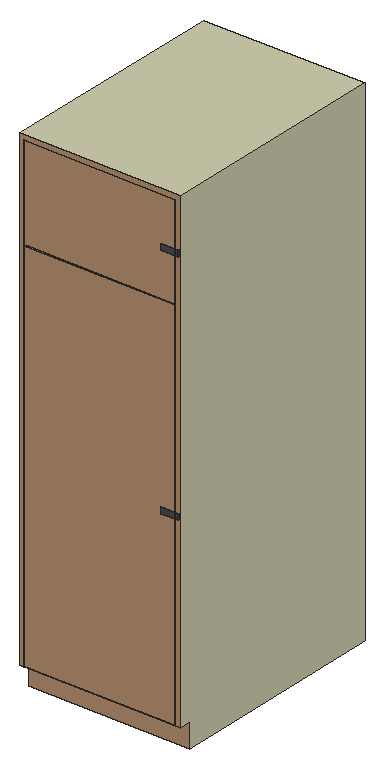
Revit family "Cabinet_Wenger_UltraStor_45", category Furniture, Revit 2015
Parameters (values of type "UltraStor Cabinet #45 - Comp Wood Doors")
  URL = "https://www.wengercorp.com/"
  Type Comments = ""
  Specification = "http://www.arcat.com/sdspecs/htm04/12_35_83wen.htm"
  Shelf Thickness = 0' - 1 1/8"
  Sales Information = "https://www.wengercorp.com/contact-us.php"
  Revision = "R1_2018-04"
  Rear Panel Thickness = 0' - 0 3/4"
  Product Data = "http://www.arcat.com/arcatcos/cos36/arc36487.html"
  Manufacturer Website = "https://www.wengercorp.com/"
  Manufacturer Phone - Toll Free = "800-4WENGER"
  Manufacturer Phone = "(507) 455-4100"
  Manufacturer Fax = "(507) 455-4258"
  Manufacturer Address = "555 Park Dr., Owatonna, MN 55060"
  Keynote = "12 35 83"
  HasDoors = yes
  Green Building-LEED = "http://www.arcat.com/green/clients/leed_data_36487.html"
  Drawn By = "Sumex Design, Inc. / Robert S. Weygant, CSI, CDT, SCIP"
  Door Width = (Cabinet Width - 0' 2 1/4") / 2  # 1' - 0 5/8"
  Door Style = Door_FullHt : Solid Door
  Door Material [instance] = Wenger Cherry (Use Cherry Edge Band Only)
  Door Height = (Cabinet Height - 0' 4 3/4") / 5  # 1' - 4.175"
  Toe Kick Material [instance] = Wenger Cherry (Use Cherry Edge Band Only)
  RH End Panel [instance] = no
  Model = "#45"
  Manufacturer = "Wenger Corporation"
  LH End Panel [instance] = no
  End Panel Material [instance] = Wenger Cherry (Use Cherry Edge Band Only)
  Edge Banding Material [instance] = Wenger Cherry (Use Cherry Edge Band Only)
  Cost = 0
  Copyright = "© 2018 Arcat Inc."
  Construction Details = "http://www.arcat.com/details/wengerco/wengerco.html?coid=36487"
  Body Material [instance] = Wenger - Oyster
  Description = "Wenger UltraStor Cabinet #45 - Comp Wood Doors"
  Cabinet Width = 2' - 3 1/2"
  Cabinet Height = 7' - 1 5/8"
  Installed Depth = 3' - 3 1/2"
  Cabinet Panel Thickness = 0' - 0 3/4"
  Assembly Code = "E2010200"
Types (14): name | Rear Panel Thickness | HasDoors | Door Width | Door Style | Door Material | Model | Description | Cabinet Width | Installed Depth
  Acoustic Cabinet #45 - No Doors | 0' - 3 1/4" | no | 1' - 0 5/8" | Door_FullHt : Solid Door | none | "#45A" | "Wenger Acoustic Cabinet #45 - No Doors" | 2' - 3 1/2" | 3' - 6"
  Narrow Acoustic Cabinet #45 - No Doors | 0' - 3 1/4" | no | 0' - 9 5/8" | Door_FullHt : Solid Door | none | "#45NA" | "Wenger Narrow Acoustic Cabinet #45 - No Doors" | 1' - 9 1/2" | 3' - 6"
  Narrow Acoustic Cabinet #45 - Comp Waterfall Grille Doors | 0' - 3 1/4" | yes | 0' - 9 5/8" | Door_FullHt : Waterfall | Painted Black | "#45NA" | "Wenger Narrow Acoustic Cabinet #45 - Comp Waterfall Grille Doors" | 1' - 9 1/2" | 3' - 6"
  Acoustic Cabinet #45 - Comp Grille Doors | 0' - 3 1/4" | yes | 1' - 0 5/8" | Door_FullHt : Bars | Painted Black | "#45A" | "Wenger Acoustic Cabinet #45 - Comp Grille Doors" | 2' - 3 1/2" | 3' - 6"
  Acoustic Cabinet #45 - Comp Waterfall Grille Doors | 0' - 3 1/4" | yes | 1' - 0 5/8" | Door_FullHt : Waterfall | Painted Black | "#45A" | "Wenger Acoustic Cabinet #45 - Comp Waterfall Grille Doors" | 2' - 3 1/2" | 3' - 6"
  Narrow Acoustic Cabinet #45 - Comp Grille Doors | 0' - 3 1/4" | yes | 0' - 9 5/8" | Door_FullHt : Bars | Painted Black | "#45NA" | "Wenger Narrow Acoustic Cabinet #45 - Comp Grille Doors" | 1' - 9 1/2" | 3' - 6"
  Narrow UltraStor Cabinet #45 - Comp Grille Doors | 0' - 0 3/4" | yes | 0' - 9 5/8" | Door_FullHt : Bars | Painted Black | "#45N" | "Wenger Narrow Cabinet #45 - Comp Grille Doors" | 1' - 9 1/2" | 3' - 3 1/2"
  UltraStor Cabinet #45 - Comp Waterfall Grille Doors | 0' - 0 3/4" | yes | 1' - 0 5/8" | Door_FullHt : Waterfall | Painted Black | "#45" | "Wenger UltraStor Cabinet #45 - Comp Waterfall Grille Doors" | 2' - 3 1/2" | 3' - 3 1/2"
  UltraStor Cabinet #45 - Comp Grille Doors | 0' - 0 3/4" | yes | 1' - 0 5/8" | Door_FullHt : Bars | Painted Black | "#45" | "Wenger UltraStor Cabinet #45 - Comp Grille Doors" | 2' - 3 1/2" | 3' - 3 1/2"
  UltraStor Cabinet #45 - No Doors | 0' - 0 3/4" | no | 1' - 0 5/8" | Door_FullHt : Solid Door | none | "#45" | "Wenger UltraStor Cabinet #45 - No Doors" | 2' - 3 1/2" | 3' - 3 1/2"
  Narrow UltraStor Cabinet #45 - Comp Wood Doors | 0' - 0 3/4" | yes | 0' - 9 5/8" | Door_FullHt : Solid Door | Wenger Cherry (Use Cherry Edge Band Only) | "#45N" | "Wenger Narrow Cabinet #45 - Comp Wood Doors" | 1' - 9 1/2" | 3' - 3 1/2"
  Narrow UltraStor Cabinet #45 - Comp Waterfall Grille Doors | 0' - 0 3/4" | yes | 0' - 9 5/8" | Door_FullHt : Waterfall | Painted Black | "#45N" | "Wenger Narrow Cabinet #45 - Comp Waterfall Grille Doors" | 1' - 9 1/2" | 3' - 3 1/2"
  Narrow UltraStor Cabinet #45 - No Doors | 0' - 0 3/4" | no | 0' - 9 5/8" | Door_FullHt : Solid Door | none | "#45N" | "Wenger Narrow Cabinet #45 - No Doors" | 1' - 9 1/2" | 3' - 3 1/2"
  UltraStor Cabinet #45 - Comp Wood Doors | 0' - 0 3/4" | yes | 1' - 0 5/8" | Door_FullHt : Solid Door | Wenger Cherry (Use Cherry Edge Band Only) | "#45" | "Wenger UltraStor Cabinet #45 - Comp Wood Doors" | 2' - 3 1/2" | 3' - 3 1/2"
Reference planes (in)
  plane 1 "Front": y = 0
  plane 2: z = 0
  plane 3 "Left": x = 0
  plane 4 "Right": x = 27.5
  plane 5 "Back": y = 39.5
  plane 6 "Top": z = 85.625
  plane 7: z = 4
  plane 8: z = 68.7
  plane 9: x = 0.75
  plane 10: x = 26.75
  plane 11: z = 84.875
  plane 12: x = 13.75
  plane 13: y = 38.75
  plane 14: y = 2
  plane 15: y = 0.75
  plane 16: z = 69.825
  plane 17: z = 5.125
Forms (in)
  Extrusion 1, solid, material "Wenger - Oyster" <- "Body Material"
    sketch origin (0, 0, 0) x (0, 1, 0) y (0, 0, 1)
      loop
        line (0, 85.625) -> (0, 4) -> (2, 4) -> (2, 0) -> (39.5, 0) -> (39.5, 85.625) -> (0, 85.625)
    from 0 to 27.5
  Extrusion 2, void
    sketch origin (0, 0, 0) x (0, 1, 0) y (0, 0, 1)
      loop
        line (-5.5, 84.875) -> (-5.5, 68.7) -> (0.75, 68.7)
        arc (0.75, 68.7) -> (1.18296, 69.47588) -> (2, 69.825) r 1.375
        line (2, 69.825) -> (38.75, 69.825) -> (38.75, 84.875) -> (-5.5, 84.875)
    from 0.75 to 26.75
  Extrusion 3, void
    sketch origin (0, 0, 0) x (0, 1, 0) y (0, 0, 1)
      loop
        line (0, 84.875) -> (0, 4) -> (0.0625, 4) -> (0.0625, 84.875) -> (0, 84.875)
    from 0.75 to 26.75
  Extrusion 4, void
    sketch origin (0, 0, 0) x (1, 0, 0) y (0, 0, 1)
      loop
        line (0.75, 68.7) -> (0.75, 5.125) -> (26.75, 5.125) -> (26.75, 68.7) -> (0.75, 68.7)
    from -38.75 to 0
Cuts and joins
  Extrusion 2, Extrusion 3, Extrusion 4 cuts Extrusion 1
Lines and regions (in)
  Masking region 1
    outline origin (0, 0, 0) x (1, 0, 0) y (0, 1, 0)
      loop
        line (0, 39.5) -> (0, 0) -> (27.5, 0) -> (27.5, 39.5) -> (0, 39.5)
Dimensions and locks (in)
  "Cabinet Panel Thickness": plane 3 "Left" to plane 9
  "Cabinet Panel Thickness": plane 10 to plane 4 "Right"
  "Cabinet Panel Thickness": plane 5 "Back" to plane 13
  locked: plane 1 "Front" to plane 15 at 0.75
  locked: plane 1 "Front" to plane 14 at 2
  "Shelf Thickness": plane 16 to plane 8
  "Cabinet Panel Thickness": plane 6 "Top" to plane 11
  "Shelf Thickness": plane 17 to plane 7
  "Cabinet Width": plane 3 "Left" to plane 4 "Right"
  locked: plane 7 to level at 4
  "Cabinet Height": plane 6 "Top" to level
  "Installed Depth": plane 1 "Front" to plane 5 "Back"
  plane 3 "Left" to plane 4 "Right" = 2' - 3 1/2"
  equal spacing: plane 5 "Back", nested 2, plane 1 "Front"
  plane 12 to nested 2 = 0' - 0"
  equal spacing: plane 4 "Right", plane 12, plane 3 "Left"
  "Door Height": plane 11 to plane 8
  aligned and locked: Extrusion 1 sketch curve to plane 6 "Top"
  aligned and locked: Extrusion 1 sketch curve to plane 5 "Back"
  aligned and locked: Extrusion 1 sketch curve to plane 1 "Front"
  aligned and locked: Extrusion 1 sketch curve to plane 7
  aligned and locked: Extrusion 1 sketch curve to plane 14
  aligned and locked: Extrusion 1 sketch curve to level
  aligned and locked: Extrusion 1 to plane 4 "Right"
  aligned and locked: Extrusion 1 to plane 3 "Left"
  aligned and locked: Extrusion 2 sketch curve to plane 11
  aligned and locked: Extrusion 2 sketch curve to plane 13
  aligned and locked: Extrusion 2 sketch curve to plane 8
  aligned and locked: Extrusion 2 sketch curve to plane 16
  aligned and locked: Extrusion 2 to plane 9
  aligned and locked: Extrusion 3 sketch curve to cut or joined group of Extrusion 1, Extrusion 2, Extrusion 3, Extrusion 4  (x2)
  aligned and locked: Extrusion 3 to plane 10
  aligned and locked: Extrusion 3 to plane 9
  aligned and locked: nested 3 to plane 9
  aligned and locked: nested 3 to plane 8
  aligned and locked: plane 8 to cut or joined group of Extrusion 1, Extrusion 2, Extrusion 3, Extrusion 4
  aligned and locked: nested 4 to plane 9
  aligned and locked: plane 7 to cut or joined group of Extrusion 1, Extrusion 2, Extrusion 3, Extrusion 4
  aligned and locked: nested 4 to plane 7
  aligned and locked: plane 1 "Front" to nested 5
  aligned and locked: nested 5 to level
  aligned and locked: nested 5 to plane 4 "Right"
  aligned and locked: Masking region 1 sketch curve to plane 5 "Back"
  aligned and locked: Masking region 1 sketch curve to plane 1 "Front"
  aligned and locked: plane 3 "Left" to Masking region 1 sketch curve
  aligned and locked: plane 4 "Right" to Masking region 1 sketch curve
  aligned and locked: nested 4 to plane 10
  aligned and locked: plane 13 to Extrusion 4
  aligned and locked: plane 1 "Front" to Extrusion 4
  aligned and locked: Extrusion 2 to plane 10
  aligned and locked: nested 3 to plane 10
  aligned and locked: plane 8 to nested 4
  aligned and locked: plane 8 to Extrusion 4
Automatic sketch dimensions
  plane 15 to Extrusion 3 sketch curve = 0' - 0 11/16"
  Extrusion 2 sketch curve to plane 15 = 0' - 0"
  Extrusion 2 sketch curve to plane 14 = 0' - 0"
  Extrusion 2 sketch curve to plane 14 = 0' - 0.10279"
  Extrusion 3 sketch curve to plane 11 = 0' - 0"
  plane 1 "Front" to Extrusion 2 sketch curve = 0' - 5 1/2"
  Extrusion 4 sketch curve to plane 9 = 0' - 0"
  plane 10 to Extrusion 4 sketch curve = 0' - 0"
  Extrusion 4 sketch curve to plane 17 = 0' - 0"
  plane 17 to Extrusion 4 sketch curve = 5' - 3.575"
Nested families (in)
  nested 1: "End Panel" at (0, 24.5, 0) x (0, -1, 0) z (0, 0, 1), End Panel Material <- "End Panel Material", visible <- "LH End Panel", Edge Banding Material <- "Edge Banding Material", type "End Panel"
    with End Panel Material Wenger Cherry (Use Cherry Edge Band Only), Edge Banding Material Wenger Cherry (Use Cherry Edge Band Only), End Panel Depth 3' - 3 1/2"
  nested 2: "Labels" at (13.75, 19.75, 0), type "Labels"
  nested 3: "Door_FullHt" at (13.75, 0, 68.7) x (1, 0, 0) z (0, -1, 0), type <- "Door Style", Height <- "Door Height", visible <- "HasDoors", type "Solid Door", detail levels medium+fine
    with vBars 24, Width 2' - 2", ToeKick Height 0' - 4", MidBar no, Height 1' - 4.175", HalfHt 0' - 7.8375", BarHt 1' - 3.675", 2HzBars no
  nested 4: "Door_FullHt" at (13.75, 0, 4) x (1, 0, 0) z (0, -1, 0), type <- "Door Style", visible <- "HasDoors", type "Solid Door", detail levels medium+fine
    with vBars 24, Width 2' - 2", ToeKick Height 0' - 4", MidBar no, Height 5' - 4.7", HalfHt 2' - 8.1", BarHt 5' - 4.2", 2HzBars no
  nested 5: "End Panel" at (28.25, 24.5, 0) x (0, -1, 0) z (0, 0, 1), End Panel Material <- "End Panel Material", Edge Banding Material <- "Edge Banding Material", visible <- "RH End Panel", type "End Panel"
    with End Panel Material Wenger Cherry (Use Cherry Edge Band Only), Edge Banding Material Wenger Cherry (Use Cherry Edge Band Only), End Panel Depth 3' - 3 1/2"
Definition of nested family "End Panel"
  Parameters (values of type "End Panel")
    End Panel Material [instance] = none
    End Panel Height = 7' - 1 5/8"
    End Panel Depth = 1' - 9 3/4"
    Edge Banding Material [instance] = none
    Default Elevation = 4' - 0"
    Assembly Code = ""
  Reference planes (in)
    plane 1 "Center (Front/Back)": y = 0
    plane 2: z = 0
    plane 3 "Center (Left/Right)": x = 0
    plane 4: x = -15
    plane 5: x = 6.75
    plane 6: z = 4
    plane 7: x = 4.75
    plane 8: z = 85.625
    plane 9: y = -0.75
  Forms (in)
    Extrusion 1, solid, material <- "End Panel Material"
      sketch origin (0, 0, 0) x (1, 0, 0) y (0, 0, 1)
        loop
          line (-15, 85.625) -> (-15, 0) -> (4.75, 0) -> (4.75, 4) -> (6.75, 4) -> (6.75, 85.625) -> (-15, 85.625)
      from 0 to 0.75
  Lines and regions (in)
    Masking region 1, detail levels coarse+medium
      outline origin (0, 0, 0) x (1, 0, 0) y (0, 1, 0)
        loop
          line (-15, 0) -> (-15, -0.75) -> (6.75, -0.75) -> (6.75, 0) -> (-15, 0)
  Dimensions and locks (in)
    locked: plane 7 to plane 5 at 2
    locked: plane 6 to level at 4
    "End Panel Height": plane 8 to level
    "End Panel Depth": plane 5 to plane 4
    locked: plane 9 to plane 1 "Center (Front/Back)" at 0.75
    aligned and locked: plane 4 to Extrusion 1 sketch curve
    aligned and locked: level to Extrusion 1 sketch curve
    aligned and locked: plane 7 to Extrusion 1 sketch curve
    aligned and locked: plane 6 to Extrusion 1 sketch curve
    aligned and locked: Extrusion 1 sketch curve to plane 5
    aligned and locked: Extrusion 1 sketch curve to plane 8
    aligned and locked: Extrusion 1 to plane 9
    aligned and locked: Extrusion 1 to plane 1 "Center (Front/Back)"
    aligned and locked: plane 4 to Masking region 1 sketch curve
    aligned and locked: Masking region 1 sketch curve to plane 5
    aligned and locked: plane 1 "Center (Front/Back)" to Masking region 1 sketch curve
    aligned and locked: plane 9 to Masking region 1 sketch curve
Definition of nested family "Door_FullHt"
  Parameters (values of type "Solid Door")
    vBars [instance] = (Width - 0' 2") / 0' 1"  # 6
    Width [instance] = 0' - 8"
    ToeKick Height [instance] = 0' - 4"
    Thickness = 0' - 0 3/4"
    Solid Door = yes
    Shelf Thickness = 0' - 0 3/4"
    Panel Thickness = 0' - 0 3/4"
    MidBar [instance] = and(Height > 3' 6", HasDoor, not(Solid Door))  # no
    Height [instance] = 1' - 2 5/8"
    HasDoor = yes
    HalfHt [instance] = Height / 2 - 0' 0 1/4"  # 0' - 7 1/16"
    Edge Banding = none
    DoorGap = 0' - 0 1/8"
    Door Finish = none
    Depth = 2' - 0"
    Default Elevation = 4' - 0"
    Bars = no
    BarStyle = Bars : Waterfall
    BarHt [instance] = Height - 0' 0 1/2"  # 1' - 2 1/8"
    2HzBars [instance] = and(Height > 1' 6", not(Solid Door))  # no
  Types (3): name | Thickness | Solid Door | Bars | BarStyle
    Solid Door | 0' - 0 3/4" | yes | no | Bars : Waterfall
    Bars | 0' - 0 1/4" | no | yes | Bars : Straight
    Waterfall | 0' - 0 3/4" | no | yes | Bars : Waterfall
  Reference planes (in)
    plane 1 "Center (Front/Back)": y = 0
    plane 2: z = 0
    plane 3 "Center (Left/Right)": x = 0
    plane 4: x = -4
    plane 5: y = 14.625
    plane 6: x = 4
    plane 7: z = -0.75
    plane 8: x = -3.875
    plane 9: x = 3.875
    plane 10: y = 0.125
    plane 11: y = 14.5
    plane 12: y = -0.75
    plane 13 "CL Elev": y = 7.3125
    plane 14: x = -3.75
    plane 15: x = 3.75
    plane 16 "BtmRail": y = 0.25
    plane 17: y = 14.375
    plane 18: z = -0.125
    plane 19: x = -2.75
    plane 20: x = 2.75
    plane 21: y = 10.96875
    plane 22: y = 3.65625
  Forms (in)
    Extrusion 1, solid, material <- "Door Finish", visible <- "Solid Door", detail levels medium+fine
      sketch origin (0, 0, 0) x (1, 0, 0) y (0, 1, 0)
        loop
          arc (-3.75, 14.5) -> (-3.83839, 14.46339) -> (-3.875, 14.375) r 0.125
          line (-3.875, 14.375) -> (-3.875, 0.25)
          arc (-3.875, 0.25) -> (-3.83839, 0.16161) -> (-3.75, 0.125) r 0.125
          line (-3.75, 0.125) -> (3.75, 0.125)
          arc (3.75, 0.125) -> (3.83839, 0.16161) -> (3.875, 0.25) r 0.125
          line (3.875, 0.25) -> (3.875, 14.375)
          arc (3.875, 14.375) -> (3.83839, 14.46339) -> (3.75, 14.5) r 0.125
          line (3.75, 14.5) -> (-3.75, 14.5)
      from 0 to -0.75
    Sweep 2, solid, material <- "Door Finish", visible <- "Bars", detail levels medium+fine
      path origin (0, 0, 0) x (1, 0, 0) y (0, 1, 0)
        loop
          arc (-3.125, 14.5) -> (-3.65533, 14.28033) -> (-3.875, 13.75) r 0.75
          line (-3.875, 13.75) -> (-3.875, 0.875)
          arc (-3.875, 0.875) -> (-3.65533, 0.34467) -> (-3.125, 0.125) r 0.75
          line (-3.125, 0.125) -> (3.125, 0.125)
          arc (3.125, 0.125) -> (3.65533, 0.34467) -> (3.875, 0.875) r 0.75
          line (3.875, 0.875) -> (3.875, 13.75)
          arc (3.875, 13.75) -> (3.65533, 14.28033) -> (3.125, 14.5) r 0.75
          line (3.125, 14.5) -> (-3.125, 14.5)
      profile origin (0, 14.5, 0) x (0, 1, 0) y (0, 0, 1)
        loop
          circle (-0.125, -0.125) r 0.125
    Extrusion 3, solid, material <- "Door Finish", visible <- "MidBar", detail levels medium+fine
      sketch origin (0, 0, 0) x (0, 1, 0) y (0, 0, 1)
        loop
          circle (7.3125, -0.125) r 0.125
      from -3.75 to 3.75
    Extrusion 4, solid, visible <- "HasDoor", detail levels fine
      sketch origin (0, 0, 0) x (1, 0, 0) y (0, 1, 0)
        loop
          line (1.5, 7.8125) -> (1.5, 6.8125) -> (4.5, 6.8125) -> (4.5, 7.8125) -> (1.5, 7.8125)
      from 0 to 0.125
    Extrusion 5, solid, material <- "Door Finish", visible <- "2HzBars", detail levels medium+fine
      sketch origin (0, 0, 0) x (0, 1, 0) y (0, 0, 1)
        loop
          circle (10.96875, -0.125) r 0.125
        loop
          circle (3.65625, -0.125) r 0.125
      from -3.75 to 3.75
  Lines and regions (in)
    symbolic lines, visible <- "HasDoor", detail levels medium+fine
      curve 1: line (4, 0.25, 0) -> (-4, 0.25, 0)
      curve 2: line (-4, 0.25, 0) -> (-4, 0.25, 8)
      curve 3: arc (4, 0.25, 0) -> (1.65685, 0.25, 5.65685) -> (-4, 0.25, 8) r 8
    symbolic lines, visible <- "HasDoor"
      curve 4: line (3.875, 0.25, 0) -> (3.875, 0.25, -0.75)
      curve 5: line (3.875, 0.25, -0.75) -> (-3.875, 0.25, -0.75)
      curve 6: line (-3.875, 0.25, -0.75) -> (-3.875, 0.25, 0)
    symbolic lines, detail levels medium
      curve 7: line (3.875, 14.5, 0) -> (-3.875, 7.3125, 0)
      curve 8: line (-3.875, 7.3125, 0) -> (3.875, 0.125, 0)
  Dimensions and locks (in)
    "Height": plane 1 "Center (Front/Back)" to plane 5
    "Thickness": level to plane 7
    equal spacing: plane 4, plane 3 "Center (Left/Right)", plane 6
    "Width": plane 4 to plane 6
    "DoorGap": plane 5 to plane 11
    "DoorGap": plane 9 to plane 6
    "DoorGap": plane 4 to plane 8
    "DoorGap": plane 1 "Center (Front/Back)" to plane 10
    "Shelf Thickness": plane 1 "Center (Front/Back)" to plane 12
    equal spacing: plane 1 "Center (Front/Back)", plane 22, plane 13 "CL Elev", plane 21, plane 5
    locked: plane 15 to plane 9 at 0.125
    locked: plane 8 to plane 14 at 0.125
    locked: plane 11 to plane 17 at 0.125
    locked: plane 16 "BtmRail" to plane 10 at 0.125
    locked: level to plane 18 at 0.125
    plane 19 to plane 14 = 0' - 1"
    locked: plane 15 to plane 20 at 1
    Extrusion 4 sketch curve to plane 13 "CL Elev" to Extrusion 4 sketch curve = 0' - 0 1/2" locked, 0' - 0 1/2" locked
    locked: plane 6 to Extrusion 4 sketch curve at 0.5
    locked: Extrusion 4 sketch curve to plane 6 at 2.5
    locked: Extrusion 4 to level at 0.125
    equal spacing: group 1, group 3, group 4, group 5, group 6, group 2  (x3)
    equal spacing: group 7, group 9, group 10, group 11, group 12, group 8  (x2)
    equal spacing: group 8, group 12, group 11, group 10, group 9, group 7
    "Width": radius of curve 3
    aligned and locked: plane 2 to level
    aligned and locked: Extrusion 1 sketch curve to plane 11
    aligned and locked: plane 8 to Extrusion 1 sketch curve
    aligned and locked: Extrusion 1 sketch curve to plane 9
    aligned and locked: plane 10 to Extrusion 1 sketch curve
    aligned and locked: Extrusion 1 to plane 7
    aligned and locked: level to Extrusion 1
    aligned and locked: Sweep 2 sketch curve to plane 11
    aligned and locked: plane 8 to Sweep 2 sketch curve
    aligned and locked: plane 10 to Sweep 2 sketch curve
    aligned and locked: Sweep 2 sketch curve to plane 9
    aligned and locked: plane 15 to Extrusion 3
    aligned and locked: Extrusion 3 to plane 14
    aligned and locked: plane 20 to nested 2
    aligned and locked: plane 19 to nested 1
    aligned and locked: plane 21 to Extrusion 5 sketch curve
    aligned and locked: plane 18 to Extrusion 5 sketch curve  (x2)
    aligned and locked: plane 22 to Extrusion 5 sketch curve
    aligned and locked: Extrusion 5 to Extrusion 3  (x2)
    aligned and locked: plane 4 to curve 3  (x2)
    aligned and locked: level to curve 3
    aligned and locked: plane 7 to curve 5
    aligned and locked: Extrusion 1 to plane 8
    aligned and locked: plane 9 to Extrusion 1
    aligned and locked: plane 10 to curve 8
    aligned and locked: plane 9 to curve 8
    aligned and locked: plane 13 "CL Elev" to curve 8
    aligned and locked: plane 11 to curve 7
    aligned and locked: plane 9 to curve 7
    aligned and locked: plane 19 to nested 7
    aligned and locked: plane 13 "CL Elev" to nested 7
    aligned and locked: plane 20 to nested 8
    aligned and locked: plane 13 "CL Elev" to nested 8
    aligned and locked: plane 18 to nested 7
    aligned and locked: plane 18 to nested 9
  Automatic sketch dimensions
    plane 8 to Sweep 2 sketch curve = 0' - 0 3/4"  (x2)
    Sweep 2 sketch curve to plane 9 = 0' - 0 3/4"
    Sweep 2 sketch curve to Sweep 2 sketch curve = 0' - 0 3/4"
    Sweep 2 sketch curve to level = 0' - 0 1/8"
    profile plane to Sweep 2 sketch curve = 0' - 0 1/8"
    Extrusion 3 sketch curve to level = 0' - 0 1/8"
    Extrusion 3 sketch curve to plane 13 "CL Elev" = 0' - 0"
    curve 8 to plane 8 = 0' - 0"
    Extrusion 1 sketch curve to plane 14 = 0' - 0"  (x2)
    Extrusion 1 sketch curve to plane 15 = 0' - 0"  (x2)
    curve 5 to plane 9 = 0' - 0"
    curve 6 to plane 8 = 0' - 0"
    radius of Sweep 2 sketch curve = 0' - 0 1/8"
    radius of Extrusion 3 sketch curve = 0' - 0 1/8"
    radius of Extrusion 5 sketch curve = 0' - 0 1/8"  (x2)
  Nested families (in)
    nested 1: "Bars" at (-2.75, 0.25, -0.125) x (1, 0, 0) z (0, 1, 0), type <- "BarStyle", visible <- "Bars", type "Waterfall", detail levels fine
    nested 2: "Bars" at (2.75, 0.25, -0.125) x (1, 0, 0) z (0, 1, 0), type <- "BarStyle", visible <- "Bars", type "Waterfall", detail levels fine
    nested 3: "Bars" at (-1.65, 0.25, -0.125) x (1, 0, 0) z (0, 1, 0), type <- "BarStyle", visible <- "Bars", type "Waterfall", detail levels fine
    nested 4: "Bars" at (-0.55, 0.25, -0.125) x (1, 0, 0) z (0, 1, 0), type <- "BarStyle", visible <- "Bars", type "Waterfall", detail levels fine
    nested 5: "Bars" at (0.55, 0.25, -0.125) x (1, 0, 0) z (0, 1, 0), type <- "BarStyle", visible <- "Bars", type "Waterfall", detail levels fine
    nested 6: "Bars" at (1.65, 0.25, -0.125) x (1, 0, 0) z (0, 1, 0), type <- "BarStyle", visible <- "Bars", type "Waterfall", detail levels fine
    nested 7: "Bars" at (-2.75, 7.3125, -0.125) x (1, 0, 0) z (0, 1, 0), type <- "BarStyle", visible <- "Bars", type "Waterfall"
    nested 8: "Bars" at (2.75, 7.3125, -0.125) x (1, 0, 0) z (0, 1, 0), type <- "BarStyle", visible <- "Bars", type "Waterfall"
    nested 9: "Bars" at (-1.65, 7.3125, -0.125) x (1, 0, 0) z (0, 1, 0), type <- "BarStyle", visible <- "Bars", type "Waterfall"
    nested 10: "Bars" at (-0.55, 7.3125, -0.125) x (1, 0, 0) z (0, 1, 0), type <- "BarStyle", visible <- "Bars", type "Waterfall"
    nested 11: "Bars" at (0.55, 7.3125, -0.125) x (1, 0, 0) z (0, 1, 0), type <- "BarStyle", visible <- "Bars", type "Waterfall"
    nested 12: "Bars" at (1.65, 7.3125, -0.125) x (1, 0, 0) z (0, 1, 0), type <- "BarStyle", visible <- "Bars", type "Waterfall"
  Definition of nested family "Bars"
    Parameters (values of type "Straight")
      WaterFall = no
      Straight = yes
      Lateral Deviation = 0' - 1"
      Height = 0' - 7 1/16"
      Default Elevation = 4' - 0"
      Bars = none
    Types (2): name | WaterFall | Straight
      Waterfall | yes | no
      Straight | no | yes
    Reference planes (in)
      plane 1 "Center (Front/Back)": y = 0
      plane 2: z = 0
      plane 3 "Center (Left/Right)": x = 0
      plane 4: z = 7.0625
      plane 5: z = 3.53125
      plane 6: x = 0.5
      plane 7: x = -0.5
      plane 8: z = 5.29687
      plane 9: z = 1.76562
    Forms (in)
      Sweep 1, solid, material <- "Bars", visible <- "WaterFall", detail levels fine
        path origin (0, 0, 0) x (1, 0, 0) y (0, 0, 1)
          loop
            arc (0, 0) -> (0.37259, 0.8481) -> (0.5, 1.76563) r 3.36743
            arc (0.5, 1.76563) -> (0.37259, 2.68315) -> (0, 3.53125) r 3.36743
        profile origin (0.37259, 0, 0.8481) x (-0.962164, 0, 0.272471) y (0, -1, 0)
          loop
            circle (0, 0) r 0.0625
      Sweep 2, solid, material <- "Bars", visible <- "WaterFall", detail levels fine
        path origin (0, 0, 14.625) x (-1, 0, 0) y (0, 0, -1)
          loop
            arc (0, 7.5625) -> (0.37259, 8.4106) -> (0.5, 9.32812) r 3.36743
            arc (0.5, 9.32812) -> (0.37259, 10.24565) -> (0, 11.09375) r 3.36743
        profile origin (-0.37259, 0, 6.2144) x (0.962164, 0, -0.272471) y (0, -1, 0)
          loop
            circle (0, 0) r 0.0625
      Extrusion 3, solid, material <- "Bars", visible <- "Straight", detail levels fine
        sketch origin (0, 0, 0) x (1, 0, 0) y (0, 1, 0)
          loop
            circle (0, 0) r 0.0625
        from 0 to 7.0625
    Dimensions and locks (in)
      "Height": plane 4 to level
      equal spacing: plane 6, plane 3 "Center (Left/Right)", plane 7
      "Lateral Deviation": plane 6 to plane 7
      equal spacing: plane 4, plane 8, plane 5, plane 9, level
      aligned and locked: plane 2 to level
      aligned and locked: plane 3 "Center (Left/Right)" to Sweep 1 sketch curve  (x2)
      aligned and locked: level to Sweep 1 sketch curve
      aligned and locked: plane 6 to Sweep 1 sketch curve
      aligned and locked: plane 9 to Sweep 1 sketch curve
      aligned and locked: plane 4 to Sweep 2 sketch curve
      aligned and locked: plane 3 "Center (Left/Right)" to Sweep 2 sketch curve  (x2)
      aligned and locked: plane 8 to Sweep 2 sketch curve
      aligned and locked: plane 7 to Sweep 2 sketch curve
      aligned and locked: plane 5 to Sweep 2 sketch curve
      aligned and locked: plane 4 to Extrusion 3
      aligned and locked: Extrusion 3 to level
    Automatic sketch dimensions
      plane 1 "Center (Front/Back)" to Sweep 1 sketch curve = 0' - 0"
      Sweep 1 sketch curve to profile plane = 0' - 0"
      Sweep 1 sketch curve to Sweep 1 sketch curve = 0' - 0"
      Sweep 2 sketch curve to plane 1 "Center (Front/Back)" = 0' - 0"
      Sweep 2 sketch curve to profile plane = 0' - 0"
      plane 1 "Center (Front/Back)" to Extrusion 3 sketch curve = 0' - 0"
      Extrusion 3 sketch curve to plane 3 "Center (Left/Right)" = 0' - 0"
      radius of Sweep 1 sketch curve = 0' - 0 1/16"
      radius of Sweep 2 sketch curve = 0' - 0 1/16"
      radius of Extrusion 3 sketch curve = 0' - 0 1/16"
Definition of nested family "Labels"
  Parameters
    Cabinet Label = "01"
  Reference planes (in)
    plane 1: y = 0
    plane 2: x = 0
  Text (in)
    label "xxxx" at (-0.00018, 0.00754, 0), shows "Cabinet Label"
